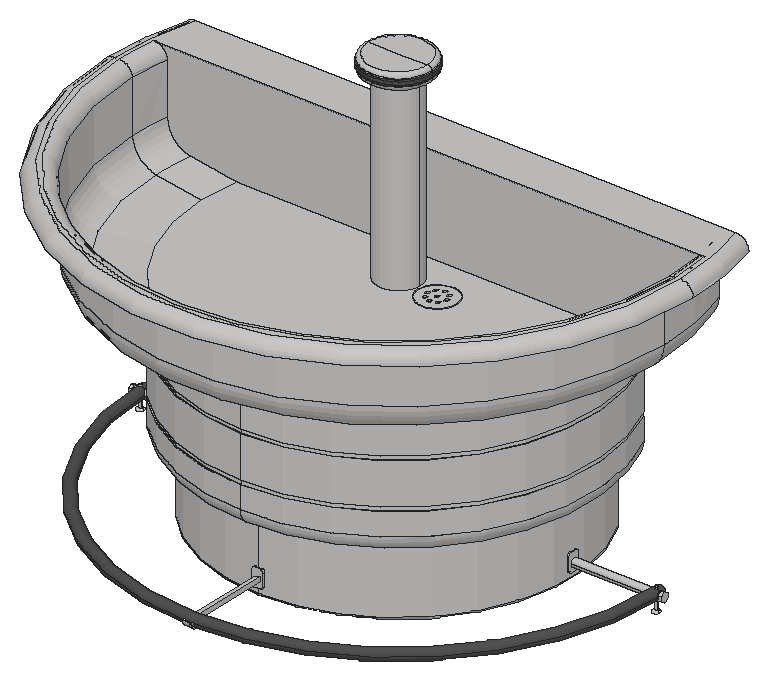
Revit family "Washfountain_Lavatory-Bradley_Corp-WF2704-Type_B_Drain", category Plumbing Fixtures, Revit 2012 (continued)
Automatic sketch dimensions
  curve 27 to curve 28 = 0.000"
  plane 4 "Left" to curve 33 = 2.48644"
  level to curve 162 = 0.92558"
  level to curve 69 = 1.069"
  level to curve 67 = 1.069"
  curve 69 to curve 70 = 4.007"
  curve 68 to curve 70 = 0.000"
  level to curve 26 = 6.04595"
  curve 26 to curve 25 = 0.31292"
  curve 25 to curve 27 = 3.563"
  curve 27 to curve 28 = 0.1875"
  curve 28 to curve 29 = 0.1875"
  curve 29 to curve 30 = 3.8125"
  curve 30 to curve 31 = 0.1875"
  curve 31 to curve 32 = 0.1875"
  plane 3 "Center (Left/Right)" to Extrusion 15 sketch curve = 0.06458"
  plane 3 "Center (Left/Right)" to Extrusion 15 sketch curve = 5.500"
  Extrusion 15 sketch curve to Extrusion 15 sketch curve = 0.06458"  (x2)
  Extrusion 15 sketch curve to plane 3 "Center (Left/Right)" = 0.06458"
  Extrusion 15 sketch curve to plane 3 "Center (Left/Right)" = 5.500"
  plane 12 to Extrusion 15 sketch curve = 3.13814"  (x2)
  Extrusion 15 sketch curve to Extrusion 15 sketch curve = 0.11186"
  Extrusion 15 sketch curve to plane 12 = 6.38814"
  Extrusion 16 sketch curve to plane 6 "Towel Dispenser" = 0.000"
  Extrusion 16 sketch curve to Extrusion 16 sketch curve = 2.250"
  Extrusion 16 sketch curve to Extrusion 16 sketch curve = 4.000"
  Extrusion 17 sketch curve to plane 6 "Towel Dispenser" = 0.000"
  Extrusion 17 sketch curve to Extrusion 17 sketch curve = 2.250"
  Extrusion 17 sketch curve to Extrusion 17 sketch curve = 4.000"
  plane 3 "Center (Left/Right)" to Extrusion 18 sketch curve = 0.06458"
  plane 3 "Center (Left/Right)" to Extrusion 18 sketch curve = 5.500"
  Extrusion 18 sketch curve to Extrusion 18 sketch curve = 0.06458"  (x2)
  Extrusion 18 sketch curve to plane 3 "Center (Left/Right)" = 0.06458"
  Extrusion 18 sketch curve to plane 3 "Center (Left/Right)" = 5.500"
  plane 12 to Extrusion 18 sketch curve = 3.13814"  (x2)
  Extrusion 18 sketch curve to Extrusion 18 sketch curve = 0.11186"
  Extrusion 18 sketch curve to plane 12 = 6.38814"
  Split face 1 sketch curve to Extrusion 16 = 0.56845"
  Split face 1 sketch curve to Split face 1 sketch curve = 0.750"
  Split face 1 sketch curve to Extrusion 16 = 1.500"  (x2)
  Split face 2 sketch curve to Extrusion 17 = 0.56845"
  Split face 2 sketch curve to Split face 2 sketch curve = 0.750"
  Split face 2 sketch curve to Extrusion 17 = 1.500"  (x2)
  curve 79 to Extrusion 16 = 0.000"  (x3)
  curve 82 to Extrusion 16 = 2.602"
  curve 82 to curve 82 = 1.000"
  Extrusion 16 to curve 82 = 1.957"
  curve 80 to Extrusion 17 = 0.000"  (x3)
  curve 81 to Extrusion 17 = 2.602"
  curve 81 to curve 81 = 1.000"
  Extrusion 17 to curve 81 = 1.957"
  curve 7 to Masking region 21 sketch curve = 8.500"
  curve 7 to Masking region 21 sketch curve = 1.000"
  Masking region 21 sketch curve to curve 7 = 0.99987"
  curve 7 to Masking region 21 sketch curve = 4.875"
  curve 7 to Masking region 22 sketch curve = 1.000"
  Masking region 22 sketch curve to curve 7 = 0.99987"
  Masking region 22 sketch curve to curve 7 = 8.500"
  Masking region 22 sketch curve to curve 7 = 6.000"
  Masking region 23 sketch curve to plane 9 "Spray Head" = 0.000"
  Masking region 23 sketch curve to plane 13 = 0.000"
  Masking region 23 sketch curve to plane 12 = 2.000"
  plane 12 to Masking region 23 sketch curve = 2.000"
  Masking region 24 sketch curve to plane 6 "Towel Dispenser" = 0.000"
  Masking region 24 sketch curve to plane 7 "Soap Dispenser" = 8.500"
  Masking region 24 sketch curve to plane 12 = 2.000"
  plane 12 to Masking region 24 sketch curve = 2.000"
  Masking region 25 sketch curve to curve 10 = 0.000"
  Masking region 25 sketch curve to curve 10 = 4.250"
  Masking region 25 sketch curve to curve 10 = 2.000"
  Masking region 25 sketch curve to curve 10 = 0.250"
  curve 10 to Masking region 25 sketch curve = 1.000"
  Masking region 25 sketch curve to curve 10 = 1.000"
  curve 10 to Masking region 25 sketch curve = 3.38814"
  curve 10 to Masking region 25 sketch curve = 4.26314"
  Masking region 25 sketch curve to curve 10 = 1.37502"  (x2)
  Masking region 25 sketch curve to Masking region 25 sketch curve = 1.125"
  curve 10 to Masking region 25 sketch curve = 14.62567"  (x2)
  Masking region 25 sketch curve to Masking region 25 sketch curve = 0.68733"
  curve 10 to Masking region 25 sketch curve = 15.313"
  Masking region 25 sketch curve to Masking region 25 sketch curve = 1.000"
  Masking region 26 sketch curve to curve 9 = 0.000"
  Masking region 26 sketch curve to curve 9 = 1.37502"  (x2)
  Masking region 26 sketch curve to curve 9 = 6.02868"
  Masking region 26 sketch curve to Masking region 26 sketch curve = 1.94856"
  Masking region 26 sketch curve to curve 9 = 2.56458"
  curve 9 to Masking region 26 sketch curve = 1.000"  (x2)
  Masking region 26 sketch curve to curve 9 = 1.000"
  Masking region 26 sketch curve to curve 9 = 0.99987"
  curve 9 to Masking region 26 sketch curve = 2.56458"
  curve 9 to Masking region 26 sketch curve = 4.08013"
  Masking region 26 sketch curve to Masking region 26 sketch curve = 3.4641"
  curve 9 to Masking region 26 sketch curve = 14.62567"  (x2)
  curve 9 to Masking region 26 sketch curve = 15.313"  (x2)
  curve 9 to Masking region 26 sketch curve = 16.313"
  curve 108 to curve 10 = 0.000"
  curve 109 to curve 10 = 0.000"
  curve 116 to curve 10 = 0.000"
  curve 108 to curve 10 = 0.250"
  curve 108 to curve 109 = 0.11186"
  curve 10 to curve 116 = 0.73686"
  curve 10 to curve 113 = 1.000"
  curve 113 to curve 111 = 0.86186"
  curve 111 to curve 118 = 0.01928"
  curve 118 to curve 118 = 0.39728"
  curve 118 to curve 118 = 0.31998"
  curve 118 to curve 121 = 0.31998"
  curve 113 to curve 10 = 1.000"
  curve 10 to curve 114 = 0.625"
  curve 120 to curve 10 = 0.29642"
  curve 120 to curve 114 = 2.18152"
  curve 120 to curve 120 = 0.31998"  (x2)
  curve 10 to curve 115 = 3.69333"
  curve 120 to curve 120 = 0.39728"
  curve 114 to curve 112 = 4.76314"
  curve 118 to curve 118 = 0.17193"
  curve 120 to curve 114 = 0.46834"
  curve 121 to curve 115 = 2.89842"
  curve 115 to curve 115 = 1.000"
  curve 10 to curve 114 = 13.12502"
  curve 10 to curve 110 = 14.62567"
  curve 10 to curve 110 = 15.313"
  curve 10 to curve 113 = 15.313"
  curve 108 to curve 109 = 0.000"
  curve 123 to curve 122 = 0.000"
  curve 129 to curve 122 = 0.000"
  curve 130 to curve 122 = 0.000"
  curve 124 to curve 122 = 0.000"
  curve 123 to curve 122 = 2.56458"
  curve 122 to curve 129 = 1.000"
  curve 122 to curve 134 = 1.000"
  curve 122 to curve 133 = 1.000"
  curve 132 to curve 122 = 1.000"
  curve 131 to curve 132 = 0.000"
  curve 130 to curve 122 = 0.99987"
  curve 122 to curve 127 = 2.56458"
  curve 122 to curve 130 = 1.0786"
  curve 128 to curve 127 = 0.500"
  curve 122 to curve 126 = 14.12567"
  curve 126 to curve 125 = 0.500"
  curve 132 to curve 132 = 0.68733"
  curve 125 to curve 124 = 0.68733"
  curve 125 to curve 123 = 0.68733"
  curve 133 to curve 133 = 0.68733"
  curve 135 to curve 136 = 0.000"
  curve 96 to curve 136 = 1.37502"
  curve 96 to curve 136 = 6.02868"
  curve 84 to curve 136 = 6.02868"
  curve 93 to curve 98 = 0.9785"
  curve 93 to curve 103 = 1.17006"
  curve 103 to curve 103 = 0.55422"  (x2)
  curve 103 to curve 136 = 0.29642"
  curve 103 to curve 103 = 0.10867"
  curve 103 to curve 96 = 0.36284"
  curve 101 to curve 93 = 0.43861"
  curve 101 to curve 100 = 0.10867"
  curve 101 to curve 136 = 0.30441"
  curve 136 to curve 102 = 0.24981"
  curve 101 to curve 135 = 0.75019"
  curve 136 to curve 83 = 1.000"
  curve 135 to curve 94 = 0.41987"
  curve 83 to curve 92 = 1.93542"
  curve 92 to curve 91 = 0.12917"
  curve 90 to curve 136 = 1.41987"
  curve 83 to curve 136 = 1.000"
  curve 90 to curve 135 = 0.420"
  curve 105 to curve 136 = 0.35848"
  curve 105 to curve 106 = 0.10867"
  curve 136 to curve 105 = 0.30441"
  curve 136 to curve 86 = 0.52868"
  curve 88 to curve 105 = 0.32994"
  curve 136 to curve 99 = 1.50718"
  curve 104 to curve 97 = 2.42006"
  curve 97 to curve 107 = 0.4715"
  curve 107 to curve 107 = 0.55422"  (x2)
  curve 107 to curve 107 = 0.10867"
  curve 97 to curve 87 = 2.750"
  curve 136 to curve 105 = 0.29642"
  curve 103 to curve 103 = 0.04026"
  curve 105 to curve 105 = 0.04026"
  curve 106 to curve 97 = 1.0786"
  curve 93 to curve 98 = 2.602"
  curve 136 to curve 99 = 3.97702"
  curve 98 to curve 98 = 1.000"
  curve 99 to curve 99 = 1.000"
  curve 136 to curve 96 = 13.12502"
  curve 136 to curve 97 = 13.12502"
  curve 136 to curve 95 = 14.62567"
  curve 136 to curve 88 = 14.62567"
  curve 136 to curve 86 = 15.313"
  Extrusion 21 sketch curve to Extrusion 21 sketch curve = 0.000"  (x6)
  Extrusion 21 sketch curve to plane 12 = 0.5533"  (x3)
  plane 3 "Center (Left/Right)" to Extrusion 21 sketch curve = 5.750"
  Extrusion 21 sketch curve to Extrusion 21 sketch curve = 0.87229"
  plane 12 to Extrusion 21 sketch curve = 0.06733"  (x2)
  Extrusion 21 sketch curve to Extrusion 21 sketch curve = 0.25708"  (x4)
  Extrusion 21 sketch curve to Extrusion 21 sketch curve = 0.62063"  (x7)
  plane 12 to Extrusion 21 sketch curve = 0.32441"
  Extrusion 22 sketch curve to plane 12 = 0.5533"
  plane 3 "Center (Left/Right)" to Extrusion 22 sketch curve = 4.000"
  profile plane to Sweep 23 sketch curve = 0.500"
  profile plane to Sweep 23 sketch curve = 1.42499"
  Extrusion 24 sketch curve to plane 12 = 0.42481"
  Extrusion 24 sketch curve to plane 12 = 0.05332"
  Extrusion 24 sketch curve to plane 12 = 0.05331"
  plane 12 to Extrusion 24 sketch curve = 0.31819"
  level to Extrusion 24 sketch curve = 0.99603"
  Extrusion 24 sketch curve to Extrusion 24 sketch curve = 0.21448"  (x2)
  Extrusion 24 sketch curve to Extrusion 24 sketch curve = 0.42897"  (x2)
  Extrusion 24 sketch curve to Extrusion 24 sketch curve = 0.21449"
  Extrusion 25 sketch curve to plane 12 = 0.42481"
  Extrusion 25 sketch curve to plane 12 = 0.05332"
  Extrusion 25 sketch curve to plane 12 = 0.05331"
  plane 12 to Extrusion 25 sketch curve = 0.31819"
  level to Extrusion 25 sketch curve = 0.99603"
  Extrusion 25 sketch curve to Extrusion 25 sketch curve = 0.21448"  (x2)
  Extrusion 25 sketch curve to Extrusion 25 sketch curve = 0.42897"  (x2)
  Extrusion 25 sketch curve to Extrusion 25 sketch curve = 0.21449"
  Extrusion 26 sketch curve to plane 12 = 0.000"  (x2)
  plane 4 "Left" to Extrusion 26 sketch curve = 3.42187"
  Extrusion 26 sketch curve to plane 5 "Right" = 3.42187"
  Blend 27 sketch curve to plane 12 = 0.000"  (x2)
  plane 4 "Left" to Blend 27 sketch curve = 3.42187"  (x2)
  Blend 28 sketch curve to plane 12 = 0.000"  (x2)
  Blend 28 sketch curve to plane 5 "Right" = 3.42187"  (x2)
  Masking region 27 sketch curve to curve 163 = 1.9244"
  Masking region 27 sketch curve to curve 163 = 22.00846"
  curve 163 to Masking region 27 sketch curve = 1.100"
  Masking region 27 sketch curve to Masking region 27 sketch curve = 0.80046"
  Masking region 27 sketch curve to curve 163 = 0.92558"
  curve 163 to Masking region 27 sketch curve = 22.00846"
  Extrusion 29 sketch curve to plane 12 = 0.55331"
  Extrusion 29 sketch curve to plane 12 = 0.30331"  (x2)
  plane 12 to Extrusion 29 sketch curve = 0.19669"  (x2)
  Extrusion 29 sketch curve to Extrusion 29 sketch curve = 0.250"
  level to Extrusion 29 sketch curve = 0.671"
  Extrusion 29 sketch curve to Extrusion 29 sketch curve = 1.125"
  Extrusion 30 sketch curve to plane 12 = 0.55331"
  Extrusion 30 sketch curve to plane 12 = 0.30331"
  Extrusion 30 sketch curve to Extrusion 30 sketch curve = 0.250"  (x2)
  plane 12 to Extrusion 30 sketch curve = 0.19669"  (x2)
  level to Extrusion 30 sketch curve = 0.671"
  Extrusion 30 sketch curve to Extrusion 30 sketch curve = 1.125"
  Masking region 28 sketch curve to Masking region 28 sketch curve = 0.000"  (x12)
  Masking region 28 sketch curve to level = 0.000"  (x2)
  plane 4 "Left" to Masking region 28 sketch curve = 2.67187"
  Masking region 28 sketch curve to Masking region 28 sketch curve = 0.3125"  (x2)
  Masking region 28 sketch curve to Masking region 28 sketch curve = 0.1105"
  Masking region 28 sketch curve to Masking region 28 sketch curve = 0.1734"
  Masking region 28 sketch curve to Masking region 28 sketch curve = 0.17342"
  Masking region 28 sketch curve to Masking region 28 sketch curve = 0.14408"
  Masking region 28 sketch curve to Masking region 28 sketch curve = 0.207"  (x5)
  Masking region 28 sketch curve to Masking region 28 sketch curve = 0.18967"
  Masking region 28 sketch curve to Masking region 28 sketch curve = 0.240"  (x4)
  level to Masking region 28 sketch curve = 2.296"  (x2)
  Masking region 28 sketch curve to Masking region 28 sketch curve = 7.39508"
  Masking region 28 sketch curve to Masking region 28 sketch curve = 0.125"  (x2)
  Masking region 28 sketch curve to plane 5 "Right" = 11.06237"
  Masking region 28 sketch curve to plane 5 "Right" = 3.74887"
  Masking region 28 sketch curve to Masking region 28 sketch curve = 0.05033"
  level to Masking region 28 sketch curve = 0.1445"  (x4)
  Masking region 28 sketch curve to Masking region 28 sketch curve = 0.14409"  (x2)
  Masking region 28 sketch curve to Masking region 28 sketch curve = 0.20127"  (x2)
  Masking region 28 sketch curve to Masking region 28 sketch curve = 0.33574"
  level to Masking region 28 sketch curve = 0.671"  (x2)
  Masking region 28 sketch curve to Masking region 28 sketch curve = 0.78363"  (x2)
  Masking region 28 sketch curve to Masking region 28 sketch curve = 0.03488"  (x2)
  Masking region 28 sketch curve to Masking region 28 sketch curve = 0.03303"  (x2)
  Masking region 28 sketch curve to Masking region 28 sketch curve = 0.05746"
  Masking region 28 sketch curve to Masking region 28 sketch curve = 0.05747"  (x2)
  Masking region 28 sketch curve to Masking region 28 sketch curve = 0.05748"
  Masking region 28 sketch curve to Masking region 28 sketch curve = 0.09048"
  Masking region 28 sketch curve to Masking region 28 sketch curve = 0.09049"
  Masking region 28 sketch curve to Masking region 28 sketch curve = 0.07813"
  Masking region 28 sketch curve to Masking region 28 sketch curve = 0.11301"
  level to Masking region 29 sketch curve = 1.9244"
  plane 14 "Front" to Masking region 29 sketch curve = 3.51211"
  plane 12 to Masking region 29 sketch curve = 0.500"
  Masking region 29 sketch curve to Masking region 29 sketch curve = 0.49941"
  Masking region 30 sketch curve to Masking region 30 sketch curve = 0.000"  (x6)
  Masking region 30 sketch curve to level = 0.000"
  plane 14 "Front" to Masking region 30 sketch curve = 2.9127"
  Masking region 30 sketch curve to Masking region 30 sketch curve = 0.050"
  Masking region 30 sketch curve to Masking region 30 sketch curve = 0.49941"
  level to Masking region 30 sketch curve = 0.92558"  (x2)
  Masking region 30 sketch curve to Masking region 30 sketch curve = 7.1076"
  Masking region 30 sketch curve to Masking region 30 sketch curve = 0.1378"  (x2)
  Masking region 30 sketch curve to plane 12 = 0.55349"
  Masking region 30 sketch curve to plane 12 = 0.55331"
  Masking region 30 sketch curve to Masking region 30 sketch curve = 0.1285"
  Masking region 30 sketch curve to plane 12 = 0.32637"
  Masking region 30 sketch curve to plane 12 = 0.30331"
  Masking region 30 sketch curve to plane 12 = 0.30215"
  Masking region 30 sketch curve to plane 12 = 0.120"
  Masking region 30 sketch curve to plane 12 = 0.05332"
  Masking region 30 sketch curve to plane 12 = 0.05331"
  plane 12 to Masking region 30 sketch curve = 0.120"
  plane 12 to Masking region 30 sketch curve = 0.19559"
  plane 12 to Masking region 30 sketch curve = 0.19669"
  Masking region 30 sketch curve to Masking region 30 sketch curve = 0.1226"
  Masking region 30 sketch curve to Masking region 30 sketch curve = 0.20637"
  Masking region 30 sketch curve to Masking region 30 sketch curve = 0.250"
  Masking region 30 sketch curve to Masking region 30 sketch curve = 0.25134"
  level to Masking region 30 sketch curve = 0.1445"  (x2)
  Masking region 30 sketch curve to Masking region 30 sketch curve = 0.25458"
  Masking region 30 sketch curve to Masking region 30 sketch curve = 0.5265"
  Masking region 30 sketch curve to Masking region 30 sketch curve = 0.25136"
  Masking region 30 sketch curve to Masking region 30 sketch curve = 0.07367"
  Masking region 30 sketch curve to Masking region 30 sketch curve = 0.28493"  (x2)
  Masking region 30 sketch curve to Masking region 30 sketch curve = 0.42897"  (x2)
  Masking region 30 sketch curve to Masking region 30 sketch curve = 0.21449"
  Masking region 30 sketch curve to Masking region 30 sketch curve = 0.99881"
  Masking region 30 sketch curve to Masking region 30 sketch curve = 0.28491"
  Masking region 30 sketch curve to Masking region 30 sketch curve = 0.1216"
  Masking region 30 sketch curve to Masking region 30 sketch curve = 0.3716"
  Extrusion 31 sketch curve to Extrusion 31 sketch curve = 0.000"  (x4)
  level to Extrusion 31 sketch curve = 1.42499"
  plane 14 "Front" to Extrusion 31 sketch curve = 2.9127"
  Extrusion 31 sketch curve to Extrusion 31 sketch curve = 0.050"
  Extrusion 31 sketch curve to Extrusion 31 sketch curve = 0.49941"
  Extrusion 31 sketch curve to Extrusion 31 sketch curve = 0.45761"
  level to Extrusion 32 sketch curve = 1.42499"
  plane 14 "Front" to Extrusion 32 sketch curve = 3.51211"
  Extrusion 32 sketch curve to Extrusion 32 sketch curve = 0.56506"
  Extrusion 32 sketch curve to Extrusion 32 sketch curve = 0.000"
  level to Extrusion 32 sketch curve = 1.62499"
  Extrusion 32 sketch curve to Extrusion 32 sketch curve = 6.87403"
  curve 163 to Masking region 31 sketch curve = 0.9999"
  Masking region 31 sketch curve to Masking region 31 sketch curve = 0.0001"
  Masking region 31 sketch curve to Masking region 31 sketch curve = 0.1001"
  Masking region 31 sketch curve to Masking region 31 sketch curve = 0.250"  (x2)
  Masking region 31 sketch curve to Masking region 31 sketch curve = 0.15046"
  Masking region 31 sketch curve to Masking region 31 sketch curve = 0.49872"
  Masking region 31 sketch curve to Masking region 31 sketch curve = 0.500"
  Masking region 31 sketch curve to Masking region 31 sketch curve = 0.15128"
  Masking region 31 sketch curve to Masking region 31 sketch curve = 0.0998"
  Masking region 31 sketch curve to curve 163 = 0.67502"
  Masking region 31 sketch curve to Masking region 31 sketch curve = 0.54941"
  Masking region 31 sketch curve to Masking region 31 sketch curve = 0.44941"
  Masking region 31 sketch curve to Masking region 31 sketch curve = 0.1216"
  Masking region 32 sketch curve to plane 1 "Center (Front/Back)" = 0.000"
  Masking region 32 sketch curve to plane 5 "Right" = 1.13617"
  Masking region 32 sketch curve to plane 12 = 0.0533"
  plane 12 to Masking region 33 sketch curve = 1.13814"  (x2)
  plane 3 "Center (Left/Right)" to Masking region 33 sketch curve = 9.02868"
  plane 12 to Masking region 33 sketch curve = 3.13814"  (x2)
  Masking region 33 sketch curve to Masking region 33 sketch curve = 3.4641"
  Masking region 33 sketch curve to Masking region 33 sketch curve = 0.06458"  (x2)
  plane 3 "Center (Left/Right)" to Masking region 33 sketch curve = 3.52868"
  plane 3 "Center (Left/Right)" to Masking region 33 sketch curve = 0.06458"
  Masking region 33 sketch curve to plane 3 "Center (Left/Right)" = 0.06458"
  Masking region 33 sketch curve to plane 3 "Center (Left/Right)" = 3.52868"
  Masking region 33 sketch curve to plane 3 "Center (Left/Right)" = 5.500"
  Masking region 33 sketch curve to Masking region 33 sketch curve = 0.11186"
  plane 3 "Center (Left/Right)" to curve 169 = 0.06458"
  plane 3 "Center (Left/Right)" to curve 170 = 1.58013"
  plane 3 "Center (Left/Right)" to curve 169 = 5.56458"
  plane 12 to curve 170 = 2.26314"
  curve 170 to curve 169 = 1.51554"
  curve 168 to plane 3 "Center (Left/Right)" = 0.06458"
  curve 167 to plane 3 "Center (Left/Right)" = 1.58013"
  curve 168 to plane 3 "Center (Left/Right)" = 5.56458"
  plane 12 to curve 167 = 2.26314"
  curve 168 to curve 167 = 1.51554"
  curve 169 to curve 170 = 0.875"  (x2)
  curve 168 to curve 167 = 0.875"  (x2)
  curve 169 to plane 12 = 6.38814"
  curve 168 to curve 169 = 0.000"
  Masking region 34 sketch curve to plane 12 = 0.000"
  Masking region 34 sketch curve to plane 3 "Center (Left/Right)" = 0.000"
  plane 12 to Masking region 34 sketch curve = 2.250"
  plane 3 "Center (Left/Right)" to Masking region 34 sketch curve = 6.20569"
  curve 173 to plane 12 = 0.000"
  curve 173 to plane 3 "Center (Left/Right)" = 0.000"
  curve 174 to curve 173 = 4.15684"
  curve 172 to curve 172 = 2.250"
  curve 174 to curve 173 = 2.250"
  Extrusion 35 sketch curve to curve 7 = 1.500"
  Extrusion 35 sketch curve to curve 7 = 0.500"
  Extrusion 35 sketch curve to curve 7 = 35.232"
  Extrusion 35 sketch curve to curve 7 = 37.232"
  Extrusion 36 sketch curve to plane 12 = 0.05331"
  level to Extrusion 36 sketch curve = 1.425"
  Extrusion 37 sketch curve to plane 12 = 0.05331"
  level to Extrusion 37 sketch curve = 1.42499"
  Extrusion 38 sketch curve to plane 3 "Center (Left/Right)" = 0.500"
  Extrusion 38 sketch curve to plane 3 "Center (Left/Right)" = 0.250"  (x2)
  plane 3 "Center (Left/Right)" to Extrusion 38 sketch curve = 0.250"  (x2)
  Extrusion 38 sketch curve to Extrusion 38 sketch curve = 0.250"
  level to Extrusion 38 sketch curve = 0.671"
  Extrusion 38 sketch curve to Extrusion 38 sketch curve = 1.125"
  curve 163 to curve 184 = 1.100"
  curve 183 to curve 183 = 0.80046"
  curve 182 to curve 163 = 0.82558"
  curve 183 to curve 184 = 0.100"
  curve 182 to curve 182 = 0.100"
  Split face 3 sketch curve to cut or joined group of Revolve 11, Extrusion 13 = 0.000"  (x3)
  Revolve 39 sketch curve to curve 7 = 0.000"
  Revolve 39 sketch curve to Revolve 39 sketch curve = 0.000"
  Revolve 39 sketch curve to curve 7 = 3.13971"
  Revolve 39 sketch curve to Revolve 39 sketch curve = 0.06598"
  Revolve 39 sketch curve to Revolve 39 sketch curve = 1.63087"
  Revolve 39 sketch curve to curve 7 = 2.61866"
  Extrusion 40 sketch curve to curve 7 = 3.20569"
  Extrusion 40 sketch curve to Extrusion 40 sketch curve = 0.06598"  (x2)
  curve 7 to Extrusion 40 sketch curve = 3.13971"
  curve 6 to Masking region 37 sketch curve = 1.79013"
  curve 6 to Masking region 37 sketch curve = 0.79013"
  Masking region 38 sketch curve to curve 6 = 1.54013"
  Masking region 38 sketch curve to Masking region 38 sketch curve = 0.500"
  Masking region 17 sketch curve to plane 1 "Center (Front/Back)" = 0.000"
  plane 14 "Front" to Masking region 17 sketch curve = 9.000"
  plane 11 "Pedestal Height" to Masking region 17 sketch curve = 3.15525"
  Masking region 17 sketch curve to Masking region 17 sketch curve = 3.79921"
  plane 11 "Pedestal Height" to Masking region 17 sketch curve = 0.60775"
  Masking region 17 sketch curve to Masking region 17 sketch curve = 0.37728"
  Masking region 17 sketch curve to Masking region 17 sketch curve = 2.61961"
  Masking region 17 sketch curve to plane 10 "Rim Height" = 1.125"
  Masking region 17 sketch curve to Masking region 17 sketch curve = 0.04119"
  Masking region 17 sketch curve to plane 14 "Front" = 0.000"
  Masking region 18 sketch curve to plane 1 "Center (Front/Back)" = 0.000"
  plane 14 "Front" to Masking region 18 sketch curve = 2.5451"
  Masking region 18 sketch curve to plane 10 "Rim Height" = 1.125"
  plane 14 "Front" to Masking region 18 sketch curve = 0.00001"
  Masking region 13 sketch curve to plane 10 "Rim Height" = 0.000"
  Masking region 13 sketch curve to plane 11 "Pedestal Height" = 0.000"
  Masking region 13 sketch curve to plane 10 "Rim Height" = 0.00011"
  Masking region 13 sketch curve to plane 10 "Rim Height" = 1.125"
  Masking region 13 sketch curve to plane 4 "Left" = 0.000"
  Masking region 13 sketch curve to Masking region 13 sketch curve = 1.415"
  Masking region 13 sketch curve to Masking region 13 sketch curve = 0.04119"  (x2)
  plane 11 "Pedestal Height" to Masking region 13 sketch curve = 0.60775"
  Masking region 13 sketch curve to Masking region 13 sketch curve = 2.24233"
  Masking region 13 sketch curve to Masking region 13 sketch curve = 0.37728"  (x2)
  Masking region 13 sketch curve to Masking region 13 sketch curve = 4.17649"
  plane 10 "Rim Height" to Masking region 13 sketch curve = 0.00019"
  plane 4 "Left" to Masking region 13 sketch curve = 1.125"
  Masking region 13 sketch curve to plane 5 "Right" = 1.125"
  Masking region 13 sketch curve to plane 5 "Right" = 8.99924"
  Masking region 13 sketch curve to Masking region 13 sketch curve = 3.79845"
  plane 11 "Pedestal Height" to Masking region 13 sketch curve = 0.60764"
  plane 11 "Pedestal Height" to Masking region 13 sketch curve = 3.15514"
  Masking region 13 sketch curve to Masking region 13 sketch curve = 2.61961"
  Masking region 13 sketch curve to plane 10 "Rim Height" = 1.12511"
  plane 11 "Pedestal Height" to Masking region 13 sketch curve = 3.15525"
  Masking region 13 sketch curve to plane 5 "Right" = 0.000"
  Masking region 14 sketch curve to plane 4 "Left" = 0.000"
  Masking region 14 sketch curve to plane 11 "Pedestal Height" = 0.000"
  Masking region 14 sketch curve to plane 5 "Right" = 0.000"
  Masking region 14 sketch curve to plane 10 "Rim Height" = 0.000"
  Masking region 14 sketch curve to plane 10 "Rim Height" = 1.12495"  (x2)
  Masking region 14 sketch curve to Masking region 14 sketch curve = 2.57762"
  Masking region 14 sketch curve to plane 5 "Right" = 2.57762"
  curve 13 to plane 12 = 0.0533"
  Extrusion 43 sketch curve to plane 5 "Right" = 2.97048"
  Extrusion 43 sketch curve to plane 3 "Center (Left/Right)" = 0.000"
  Extrusion 43 sketch curve to Extrusion 43 sketch curve = 0.996"  (x2)
  Extrusion 43 sketch curve to Extrusion 43 sketch curve = 0.000"  (x2)
  Extrusion 43 sketch curve to plane 1 "Center (Front/Back)" = 0.000"
  plane 12 to Extrusion 43 sketch curve = 3.5782"
  Extrusion 44 sketch curve to plane 1 "Center (Front/Back)" = 0.000"
  Extrusion 44 sketch curve to plane 5 "Right" = 2.54607"
  Extrusion 44 sketch curve to plane 5 "Right" = 1.55559"
  Extrusion 44 sketch curve to plane 12 = 0.0533"  (x2)
  Extrusion 44 sketch curve to plane 3 "Center (Left/Right)" = 1.250"
  plane 4 "Left" to Extrusion 44 sketch curve = 2.58453"
  plane 4 "Left" to Extrusion 44 sketch curve = 1.59404"
  Sweep 45 sketch curve to profile plane = 0.000"
  Sweep 45 sketch curve to Sweep 45 sketch curve = 0.09252"
  Sweep 45 sketch curve to profile plane = 0.060"
  Sweep 45 sketch curve to profile plane = 1.15752"
  Sweep 45 sketch curve to Sweep 45 sketch curve = 0.000"  (x2)
  Sweep 45 sketch curve to profile plane = 0.06025"
  Sweep 45 sketch curve to Sweep 45 sketch curve = 0.410"
  Sweep 45 sketch curve to profile plane = 1.12499"
  Sweep 45 sketch curve to Sweep 45 sketch curve = 1.065"
  Sweep 45 sketch curve to profile plane = 2.6737"
  Sweep 45 sketch curve to Sweep 45 sketch curve = 2.19097"
  Sweep 45 sketch curve to Sweep 45 sketch curve = 0.36864"
  Sweep 45 sketch curve to Sweep 45 sketch curve = 4.19488"
  Sweep 45 sketch curve to Sweep 45 sketch curve = 4.67456"
  Sweep 45 sketch curve to Sweep 45 sketch curve = 0.04441"
  Sweep 45 sketch curve to Sweep 45 sketch curve = 0.61043"
  Sweep 45 sketch curve to Sweep 45 sketch curve = 0.0567"
  Sweep 45 sketch curve to Sweep 45 sketch curve = 0.00036"
  curve 71 to level = 0.000"
  curve 71 to plane 12 = 0.000"
  curve 19 to plane 1 "Center (Front/Back)" = 0.000"
  curve 18 to plane 1 "Center (Front/Back)" = 0.000"
  curve 23 to plane 1 "Center (Front/Back)" = 0.000"
  curve 24 to plane 1 "Center (Front/Back)" = 0.000"
  curve 20 to plane 1 "Center (Front/Back)" = 0.000"
  curve 22 to plane 1 "Center (Front/Back)" = 0.000"
  curve 21 to plane 1 "Center (Front/Back)" = 0.000"
  curve 17 to plane 1 "Center (Front/Back)" = 0.000"
  curve 16 to plane 1 "Center (Front/Back)" = 0.000"
  curve 156 to plane 12 = 0.05331"
  curve 161 to plane 12 = 0.120"
  curve 157 to plane 12 = 0.120"
  curve 155 to plane 12 = 0.120"
  curve 75 to plane 12 = 0.96986"
  curve 74 to curve 161 = 1.86186"
  plane 14 "Front" to curve 23 = 11.303"
  curve 22 to curve 23 = 0.21401"
  curve 16 to curve 22 = 1.97802"
  curve 17 to curve 16 = 0.000"
  curve 18 to curve 16 = 0.000"
  curve 21 to curve 17 = 0.0047"
  curve 19 to curve 21 = 0.000"
  curve 20 to curve 21 = 0.000"
  plane 14 "Front" to curve 24 = 2.54029"
  plane 12 to curve 157 = 0.120"
  plane 12 to curve 160 = 0.120"
  plane 12 to curve 155 = 0.120"
  plane 12 to curve 73 = 0.96986"
  curve 160 to curve 72 = 1.86186"
  level to curve 155 = 0.1445"
  curve 155 to curve 160 = 0.52704"
  curve 161 to curve 160 = 0.000"  (x2)
  curve 160 to curve 160 = 0.25404"
  level to curve 72 = 1.069"
  level to curve 74 = 1.069"
  curve 161 to curve 156 = 0.49942"
  curve 156 to curve 158 = 0.4994"
  curve 159 to curve 158 = 0.000"
  curve 158 to curve 157 = 0.07559"
  curve 157 to curve 75 = 3.07601"
  curve 73 to curve 75 = 0.000"
  curve 73 to curve 71 = 0.96995"
  curve 23 to curve 22 = 0.31292"
  curve 22 to curve 20 = 3.563"
  curve 20 to curve 21 = 0.21459"
  curve 21 to curve 19 = 0.16041"
  curve 19 to curve 17 = 3.8125"
  curve 17 to curve 18 = 0.20619"
  curve 18 to curve 16 = 0.16881"
  radius of curve 13 = 27.000"
  radius of curve 138 = 1.750"
  radius of curve 139 = 1.250"
  radius of curve 140 = 0.1842"
  radius of curve 141 = 0.1842"
  radius of curve 142 = 0.1842"
  radius of curve 143 = 0.1842"
  radius of curve 144 = 0.1842"
  radius of curve 145 = 0.1842"
  radius of curve 146 = 0.1842"
  radius of curve 147 = 0.1842"
  radius of curve 148 = 0.1842"
  radius of curve 67 = 0.350"
  radius of curve 68 = 0.350"
  radius of curve 69 = 0.350"
  radius of curve 70 = 0.350"
  radius of Extrusion 15 sketch curve = 2.000"
  radius of Extrusion 18 sketch curve = 2.000"
  radius of Extrusion 21 sketch curve = 0.1842"  (x9)
  radius of Extrusion 22 sketch curve = 1.750"
  radius of curve 137 to Extrusion 21 = 0.500"
  radius of Sweep 23 sketch curve = 0.49941"
  radius of Extrusion 26 sketch curve = 0.120"  (x2)
  radius of Blend 27 sketch curve = 0.120"
  radius of Blend 27 sketch curve = 0.327"
  radius of Blend 28 sketch curve = 0.120"
  radius of Blend 28 sketch curve = 0.327"
  radius of curve 171 = 2.000"
  radius of Masking region 35 sketch curve = 4.57537"
  radius of curve 175 = 3.750"
  radius of Masking region 36 sketch curve = 3.12487"
  radius of curve 176 = 2.750"
  radius of Extrusion 36 sketch curve = 0.36122"
  radius of Extrusion 37 sketch curve = 0.36122"
  radius of Extrusion 41 sketch curve = 0.500"
  radius of Extrusion 42 sketch curve = 0.250"
  radius of curve 72 = 0.350"
  radius of curve 73 = 0.350"
  radius of curve 74 = 0.350"
  radius of curve 75 = 0.350"
  radius of curve 156 = 0.36122"
Connectors (in)
  piping at (-0.875, -7, 37.375), driven by "Hot Lavatory Inlet Radius", driven by "HWFU"
    settings: on Extrusion 34, index 1, connector radius 1/4", flow factor 0, pipe flow 0.0 GPM, pressure drop 0.0 psi, fitting loss kfactor 0, connector angle 0.00°, fixture units 0, engagement length 0.000", flow configuration 3, flow direction 1, fitting loss method 0, system type 19, joint type 0, gender type 0, connector reference index -1, connector utility 0, adjustable connector no, is connector primary yes, fitting loss table "", connector description "Hot Lavatory Inlet"
  piping at (0.875, -7, 37.375), driven by "Cold Lavatory Inlet Radius", driven by "CWFU"
    settings: on Extrusion 34, index 2, connector radius 1/4", flow factor 0, pipe flow 0.0 GPM, pressure drop 0.0 psi, fitting loss kfactor 0, connector angle 0.00°, fixture units 0, engagement length 0.000", flow configuration 3, flow direction 1, fitting loss method 0, system type 20, joint type 0, gender type 0, connector reference index -1, connector utility 0, adjustable connector no, is connector primary no, fitting loss table "", connector description "Cold Lavatory Inlet"
  piping at (-4, -8.25, 0), driven by "Drain Radius", driven by "WFU"
    settings: on Extrusion 33, index 3, connector radius 1", flow factor 0, pipe flow 0.0 GPM, pressure drop 0.0 psi, fitting loss kfactor 0, connector angle 0.00°, fixture units 0, engagement length 0.000", flow configuration 3, flow direction 2, fitting loss method 0, system type 16, joint type 0, gender type 0, connector reference index -1, connector utility 0, adjustable connector yes, is connector primary no, fitting loss table "", connector description "Drain"
  piping at (0, -8.25, 37.375), driven by "Vent Radius", driven by "WFU"
    settings: on Extrusion 34, index 4, connector radius 3/4", flow factor 0, pipe flow 0.0 GPM, pressure drop 0.0 psi, fitting loss kfactor 0, connector angle 0.00°, fixture units 0, engagement length 0.000", flow configuration 3, flow direction 2, fitting loss method 0, system type 16, joint type 0, gender type 0, connector reference index -1, connector utility 0, adjustable connector yes, is connector primary no, fitting loss table "", connector description "Vent"
  electrical at (-4, 0, 9.643), driven by "Voltage"
    settings: on Extrusion 35, index 5, voltage 110 V, apparent load 0 VA, apparent load phase1 0 VA, apparent load phase2 0 VA, apparent load phase3 0 VA, power factor 1, load classification "Other", number of poles 1, system type 31, power factor state 1, is connector primary yes, connector utility no, sub classification motor no, connector description ""
